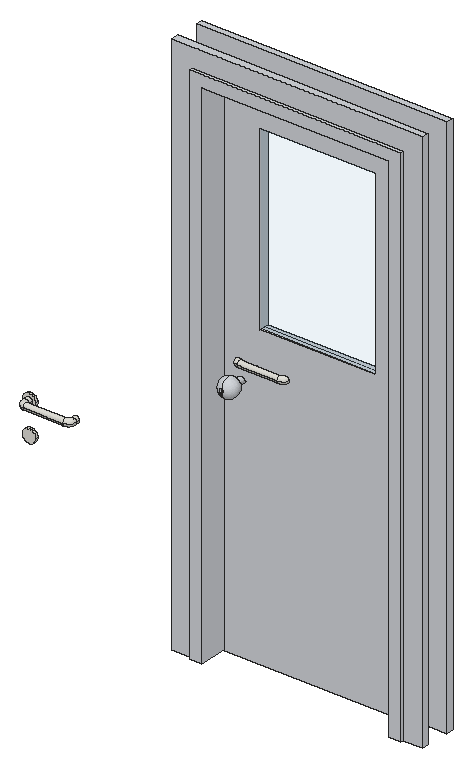
Revit family "0042_M_DR_W_SD1", category 문, Revit 2026
Family settings
  호스트 = 벽
  항상 수직 = 예
  로드될 때 보이드를 사용하여 절단 = 아니오
  공유 = 아니오
  룸 계산 점 = 아니오
Parameters
  프레임 투영 외부 = 25 mm
  프레임 투영 내부 = 25 mm
  프레임 폭 = 75 mm
  창호부호 = "SD"
  문틀재료 = "1.6mm ST'L EGI PL\r\n"
  문틀마감 = "조합페인트"
  문짝재료 = "1.2mm ST'L EGI PL  양면\r\n"
  문짝마감 = "정전분체도장"
  문번호 = "1"
  높이 = 2000 mm
  벽 마무리 = 호스트별
  폭 = 800 mm
  Function = (empty or 0)
  Assembly Code = ""
Reference planes
  plane 1: y = 0
  plane 2 "중심(왼쪽/오른쪽)": x = 0
  plane 3 "왼쪽": x = -400
  plane 4 "오른쪽": x = 400
  plane 5: z = 2000
  plane 6 "외부": y = 45
  plane 7 "내부": y = -45
  plane 8 "축": x = -290
  plane 9: z = 940
  plane 10: y = 75
  plane 11: y = -75
Forms (mm)
  Extrusion 1, solid
    sketch origin (-3050, -45, 0) x (1, 0, 0) y (0, 0, 1)
      loop
        line (2575, 0) -> (2650, 0) -> (2650, 2000) -> (3450, 2000) -> (3450, 0) -> (3525, 0) -> (3525, 2075) -> (2575, 2075) -> (2575, 0)
    from 0 to 25
  Extrusion 2, solid
    sketch origin (-3050, 45, 0) x (-1, 0, 0) y (0, 0, 1)
      loop
        line (-2650, 0) -> (-2575, 0) -> (-2575, 2075) -> (-3525, 2075) -> (-3525, 0) -> (-3450, 0) -> (-3450, 2000) -> (-2650, 2000) -> (-2650, 0)
    from 0 to 25
  Sweep 3, solid
    path origin (0, -45, 0) x (1, 0, 0) y (0, 0, 1)
      loop
        line (-400, 0) -> (-400, 2000) -> (400, 2000) -> (400, 0)
    profile origin (-400, -45, 1000) x (-1, 0, 0) y (0, -1, 0)
      loop
        line (0, 35) -> (-45, 35) -> (-45, -70) -> (-30, -70) -> (-30, -115) -> (0, -115) -> (0, 35)
  Extrusion 4, solid
    sketch origin (0, 0, 0) x (1, 0, 0) y (0, 1, 0)
      loop
        line (-370, 25) -> (370, 25) -> (370, 65) -> (-370, 65) -> (-370, 25)
    from 0 to 1970
  Revolve 5, solid
    sketch origin (-290, -40, 0) x (0, -1, 0) y (0, 0, 1)
      loop
        arc (-119.576, 952.903) -> (-154.211, 974.937) -> (-185.957, 948.912) r 35
        line (-185.957, 948.912) -> (-182.421, 945.376) -> (-182.421, 940) -> (22.421, 940) -> (22.421, 945.376) -> (25.957, 948.912)
        arc (25.957, 948.912) -> (-5.789, 974.937) -> (-40.424, 952.903) r 35
        line (-40.424, 952.903) -> (-119.576, 952.903)
      axis (25.957, 940) -> (-185.957, 940)
    angle from 0 to 360
  Extrusion 6, void
    sketch origin (0, 45, 0) x (1, 0, 0) y (0, 0, 1)
      loop
        line (220, 1820) -> (-220, 1820) -> (-220, 1135) -> (220, 1135) -> (220, 1820)
    from -463.455 to 250
  Extrusion 7, solid, material "유리"
    sketch origin (0, 45, 0) x (1, 0, 0) y (0, 0, 1)
      loop
        line (220, 1820) -> (-220, 1820) -> (-220, 1135) -> (220, 1135) -> (220, 1820)
    from 0 to 16
Cuts and joins
  Extrusion 6 cuts Extrusion 1
  Extrusion 6 cuts Extrusion 2
  Extrusion 6 cuts Sweep 3
  Extrusion 6 cuts Extrusion 4
  Extrusion 6 cuts Revolve 5
Lines and regions (mm)
  Opening 1
    outline origin (-3050, -45, 0) x (1, 0, 0) y (0, 0, 1)
      loop
        line (2650, 0) -> (3450, 0) -> (3450, 2000) -> (2650, 2000) -> (2650, 0)
  symbolic lines, style "입면도 스윙"
    curve 1: line (400, -45, 1000) -> (-850, -45, 2000)
    curve 2: line (400, -45, 1000) -> (-400, -45, 0)
    curve 3: line (-400, 45, 0) -> (400, 45, 1000)
    curve 4: line (400, 45, 1000) -> (-400, 45, 1640)
  symbolic lines, style "Doors"
    curve 5: line (370, 764.907, 0) -> (370, 25, 0)
    curve 6: line (330, 764.907, 0) -> (370, 764.907, 0)
    curve 7: line (330, 25, 0) -> (330, 764.907, 0)
    curve 8: line (370, 25, 0) -> (330, 25, 0)
    curve 9: arc (330, 764.907, 0) -> (-169.129, 536.039, 0) -> (-370, 25, 0) r 734.348
Text (mm)
  text "Exterior" at (-2295.016, 1099.543, 0), in view "참조 레벨"
  text "Exterior" at (0, 1615.38, 3698.081), in view "왼쪽"
  text "Exterior" at (0, 1036.032, 3874.932), in view "오른쪽"
Dimensions and locks
  equal spacing: plane 3 "왼쪽", plane 2 "중심(왼쪽/오른쪽)", plane 4 "오른쪽"
  "폭": plane 3 "왼쪽" to plane 4 "오른쪽"
  "높이": plane 5 to host wall
  equal spacing: host wall, curve 2, plane 5
  equal spacing: host wall, curve 4, plane 5
  "프레임 투영 외부": Extrusion 2 to Extrusion 2
  "프레임 투영 내부": Extrusion 1 to Extrusion 1
  "프레임 폭": plane 3 "왼쪽" to Extrusion 1 sketch curve
  "프레임 폭": plane 4 "오른쪽" to Extrusion 1 sketch curve
  "프레임 폭": Extrusion 1 sketch curve to plane 5
  "프레임 폭": plane 4 "오른쪽" to Extrusion 2 sketch curve
  "프레임 폭": plane 3 "왼쪽" to Extrusion 2 sketch curve
  "프레임 폭": plane 5 to Extrusion 2 sketch curve
  locked: plane 6 "외부" to host wall at 0
  locked: plane 7 "내부" to host wall
  locked: plane 3 "왼쪽" to plane 8 "축" at 110
  aligned and locked: plane 3 "왼쪽" to Opening 1 sketch curve
  aligned and locked: plane 5 to Opening 1 sketch curve  (x2)
  aligned and locked: Opening 1 sketch curve to plane 4 "오른쪽"
  aligned and locked: Opening 1 sketch curve to level
  aligned and locked: level to Extrusion 1 sketch curve
  aligned and locked: plane 5 to Extrusion 1 sketch curve  (x2)
  aligned and locked: Extrusion 1 sketch curve to plane 4 "오른쪽"
  aligned and locked: Extrusion 1 sketch curve to plane 3 "왼쪽"
  aligned and locked: plane 3 "왼쪽" to Extrusion 2 sketch curve
  aligned and locked: plane 5 to Extrusion 2 sketch curve  (x2)
  aligned and locked: level to Extrusion 2 sketch curve
  aligned and locked: plane 5 to curve 1
  aligned and locked: plane 3 "왼쪽" to curve 2
  aligned and locked: plane 1 to host wall
  aligned and locked: Extrusion 4 sketch curve to Sweep 3  (x2)
  aligned and locked: Extrusion 4 to Sweep 3
  aligned and locked: Sweep 3 sketch curve to plane 5
  aligned and locked: Sweep 3 sketch curve to plane 4 "오른쪽"
  aligned and locked: plane 3 "왼쪽" to Sweep 3 sketch curve
  aligned and locked: Extrusion 7 sketch curve to cut or joined group of Extrusion 4, Extrusion 6  (x4)
Automatic sketch dimensions
  Extrusion 2 sketch curve to plane 4 "오른쪽" = 0 mm
  Extrusion 1 sketch curve to level = 0 mm
  Extrusion 2 sketch curve to level = 0 mm
  curve 4 to plane 3 "왼쪽" = 0 mm
  curve 3 to level = 0 mm
  curve 2 to level = 0 mm
  curve 3 to plane 3 "왼쪽" = 0 mm
  curve 3 to plane 4 "오른쪽" = 0 mm
  curve 2 to plane 4 "오른쪽" = 0 mm
  Sweep 3 sketch curve to level = 0 mm  (x2)
  Extrusion 4 sketch curve to host wall = 20 mm
  host wall to Extrusion 4 sketch curve = 20 mm
  Revolve 5 sketch curve to Revolve 5 sketch curve = 3.536 mm  (x4)
  Revolve 5 sketch curve to plane 9 = 0 mm  (x4)
  Revolve 5 sketch curve to Revolve 5 sketch curve = 35.677 mm
  Revolve 5 sketch curve to Revolve 5 sketch curve = 30.311 mm
  Revolve 5 sketch curve to Revolve 5 sketch curve = 79.151 mm
  host wall to Revolve 5 sketch curve = 32.11 mm
  host wall to Revolve 5 sketch curve = 62.421 mm
  Revolve 5 sketch curve to plane 9 = 5.376 mm  (x2)
  Revolve 5 sketch curve to Revolve 5 sketch curve = 32.535 mm
  Revolve 5 sketch curve to host wall = 15 mm
  curve 9 to host wall = 20 mm
  curve 9 to plane 3 "왼쪽" = 30 mm
  plane 4 "오른쪽" to curve 9 = 70 mm
  curve 9 to host wall = 13.639 mm
  curve 7 to curve 9 = 34.321 mm
  plane 4 "오른쪽" to curve 6 = 30 mm
  curve 5 to curve 9 = 6.361 mm
  Extrusion 6 sketch curve to plane 8 "축" = 70 mm
  plane 4 "오른쪽" to Extrusion 6 sketch curve = 180 mm
  plane 5 to Extrusion 6 sketch curve = 865 mm
  plane 5 to Extrusion 6 sketch curve = 180 mm
  Sweep 3 sketch curve to profile plane = 0 mm
  profile plane to Sweep 3 sketch curve = 30 mm
  profile plane to Sweep 3 sketch curve = 45 mm
  Sweep 3 sketch curve to plane 7 "내부" = 115 mm
  Sweep 3 sketch curve to Sweep 3 sketch curve = 45 mm
  plane 7 "내부" to Sweep 3 sketch curve = 35 mm
Nested families
  nested 1: "KO_Door Handle" at (-270, 95, 0), type "KO_Door Handle"
  nested 2: "KO_Door Handle" at (-300, 55, 0), type "KO_Door Handle"
  nested 3: "KO_Door Handle" at (-635, -540, 0), type "KO_Door Handle"
Definition of nested family "KO_Door Handle"
  Parameters
    Default Elevation = 0 mm
  Reference planes
    plane 1 "중심(앞/뒤)": y = 0
    plane 2: z = 0
    plane 3 "중심(왼쪽/오른쪽)": x = 0
    plane 4 "하드웨어": z = 1000
  Forms (mm)
    Sweep 1, solid, detail levels fine
      path origin (0, 0, 1000) x (0, -1, 0) y (1, 0, 0)
        loop
          line (0, 0) -> (25, 0)
          arc (25, 0) -> (35.607, 4.393) -> (40, 15) r 15
          line (40, 15) -> (40, 165)
          arc (40, 165) -> (35.607, 175.607) -> (25, 180) r 15
          line (25, 180) -> (10, 180)
      profile origin (0, -12.5, 0) x (1, 0, 0) y (0, 0, 1)
        loop
          circle (0, 1000) r 12
    Extrusion 2, solid, detail levels fine
      sketch origin (0, 0, 0) x (1, 0, 0) y (0, 0, 1)
        loop
          circle (1.5, 1000) r 25
      from 0 to 8
    Extrusion 3, solid, detail levels fine
      sketch origin (0, 0, -120) x (1, 0, 0) y (0, 0, 1)
        loop
          circle (1.5, 1000) r 25
      from 0 to 8
  Cuts and joins
    joined: Sweep 1, Extrusion 2
  Dimensions and locks
    locked: plane 4 "하드웨어" to plane 2 at 1000
    locked: plane 4 "하드웨어" to Extrusion 3 at 120
